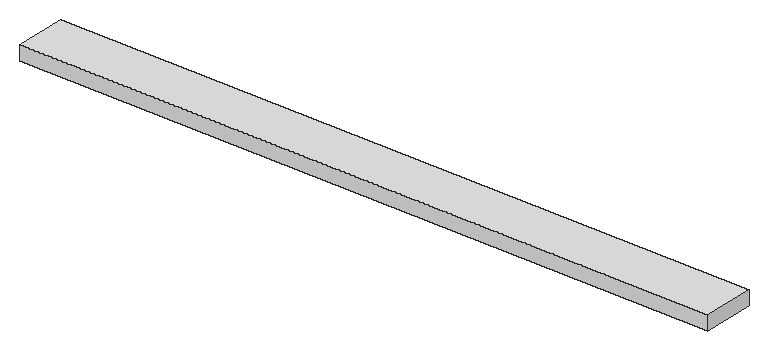
Revit family "11-TRIMBOARD-AND-STEALTH-TRIM-CADS-92-5-4-4-trim-4-REVIT_Versatex-Generic-Model-5-4in-x-4in-TRIMBOARD", category Generic Models, host Face, Revit 2026
Family settings
  Host = Face
  Can host rebar = No
  Round Connector Dimension = Use Diameter
  Part Type = Normal
  Cut with Voids When Loaded = No
  Maintain Annotation Orientation = No
  Shared = No
  Room Calculation Point = No
Parameters
  Model = "TBSM/TR540418"
  Length = 4' - 0"
  Warranty = "https://versatex.com/warranty/"
  URL = "https://versatex.com/"
  Specification = "https://www.arcat.com/company/versatex-45716/spec?coid=45716"
  Sales Information = "https://versatex.com/dealer-locator/"
  Message Manufacturer = "https://versatex.com/contact/"
  Material = Versatex PVC - Smooth
  Manufacturer Website = "https://versatex.com/"
  Manufacturer Phone = "724-857-1111"
  Manufacturer Fax = "724-857-1171"
  Manufacturer Address = "400 Steel Street, Aliquippa, PA 15001"
  Manufacturer = "Versatex"
  Literature = "https://versatex.com/literature/?_sft_literature_category=cads"
  Description = "NOMINAL 5/4” x 4” TRIMBOARD"
  Default Elevation = 4' - 0"
  Copyright = "© 2024 VERSATEX Building Products, LLC"
Reference planes (in)
  plane 1 "Center (Front/Back)": y = 0
  plane 2: z = 0
  plane 3 "Center (Left/Right)": x = 0
  plane 4: x = 24
  plane 5: x = -24
Forms (in)
  Sweep 1, solid, material "Versatex PVC - Smooth" <- "Material"
    path origin (0, 0, 0) x (1, 0, 0) y (0, 1, 0)
      loop
        line (-24, 0) -> (24, 0)
    profile "Versatex_Profile_5-4” x 4” TRIMBOARD : Versatex_Profile_5-4” x 4” TRIMBOARD" origin (0, 0, 0) x (0, 1, 0) y (0, 0, 1)
      loop
        line (0, 0) -> (3.5, 0) -> (3.5, 1) -> (0, 1) -> (0, 0)
Dimensions and locks (in)
  "Length": plane 5 to plane 4
  equal spacing: plane 5, plane 3 "Center (Left/Right)", plane 4, locked at 24 each
  aligned and locked: plane 2 to host face
  aligned and locked: level to host face
Automatic sketch dimensions
  host sketch curve to host sketch curve = 8' - 0"  (x2)
  plane 1 "Center (Front/Back)" to Sweep 1 sketch curve = 0' - 0"
  Sweep 1 sketch curve to plane 5 = 0' - 0"
  Sweep 1 sketch curve to plane 4 = 0' - 0"
